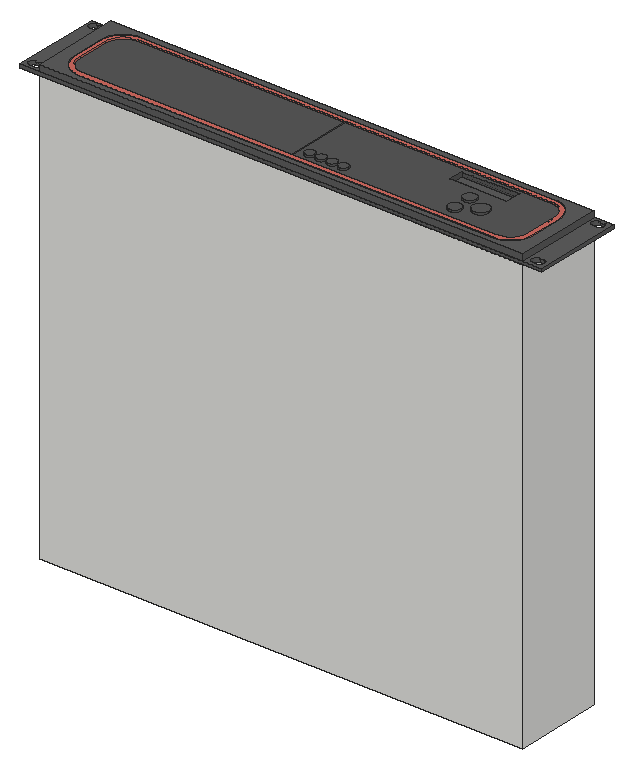
Revit family "Electronics_Amplifier_Biamp_Tesira_4-Channel-350W_AMP-4350R__", category Communication Devices, host Face, Revit 2020
Family settings
  Host = Face
  Maintain Annotation Orientation = No
  Round Connector Dimension = Use Diameter
  Part Type = Normal
  OmniClass Number = 23.85.10.11.14.14.17
  OmniClass Title = Sound Amplifiers
  Cut with Voids When Loaded = Yes
  Shared = No
  Room Calculation Point = No
Parameters (values of type "AMP-4300R CV")
  Width = 19.00"  # constant formula
  Weight = 20.60 lbf  # constant formula
  Voltage = 120 V
  URL = "https://www.biamp.com/"
  Temperature Range = "32 - 104° F (0 - 40° C)"  # constant formula
  THD+N = "20Hz-20kHz, at rated power: < 0.3%"  # constant formula
  Single Channel = "4 ohm, 8 ohm: 350W"  # constant formula
  Product data url = "https://www.bimobject.com/biamp/product/tesira-amp-4300r-cv_amplifier"
  Product Page URL = "https://www.biamp.com/products/tesira-amplifiers#tesira-amp-4300r-cv"
  Product Documentation Link = "https://downloads.biamp.com/assets/docs/default-source/data-sheets/biamp_data_sheet_tesira_amp-4300r_cv_jun18.pdf"
  Power Factor = 1
  Optional Analog Cards = "Tesira EX-MOD cards: EIC-4, EIOC-4, EOC-4"  # constant formula
  Number of Poles = 1
  Number of Channels = "4"  # constant formula
  Model = "Tesira AMP-4300R CV"  # constant formula
  Minimum Operational Load = "2 ohm"  # constant formula
  Manufacturer = "Biamp"  # constant formula
  Humidity = "0-95% relative humidity (non-condensing)"  # constant formula
  Housing Material = Biamp - Metal - Silver
  Height = 3.50"  # constant formula
  Frequency Response = "± 1dB"  # constant formula
  Dynamic Range = "> 100dB"  # constant formula
  Dual AVB/TSN Input = "RJ-45 (CAT-5 or higher) inputs; primary and secondary"  # constant formula
  Description = "Tesira® AMP-4300R CV 4-Channel, 300W Amplifier"  # constant formula
  Depth = 17.39844"  # constant formula
  Default Elevation = 48.00"
  Current Draw = "5.5–2.3A"  # constant formula
  Current = 5.5 A
  Cooling = "Variable speed fan"  # constant formula
  Connector Description = "100-240VAC 50/60Hz"  # constant formula
  Compliance = "FCC Part 15B (USA) CE Marked (Europe) UL and C-UL listed (USA and Canada) RCM (Australia) EAC (Eurasian Customs Union) CCC (China) KCC (Korea) RoHS Directive (Europe)"  # constant formula
  Case = yes
  Bridged = "8 ohm: 700W"  # constant formula
  Balanced Input Impedance = "8 kohm"  # constant formula
  Assembly Code = ""
  Apparent Load = Current * Voltage  # 660 VA
  Altitude = "0-10,000 ft (0-3000m) MSL"  # constant formula
Reference planes (in)
  plane 1 "Center (Front/Back)": y = 0
  plane 2: z = 0
  plane 3 "Center (Left/Right)": x = 0
  plane 4: x = 19.76273
  plane 5: y = 1.43791
  plane 6: y = -1.52561
Forms (in)
  Extrusion 1, solid, material "Biamp - Metal - Silver" <- "Housing Material", visible <- "Case"
    sketch origin (9.88137, -1.79653, -8.32798) x (1, 0, 0) y (0, 0, -1)
      loop
        line (-9.5, 8.69922) -> (-9.5, -8.32798) -> (9.5, -8.32798) -> (9.5, 8.69922) -> (-9.5, 8.69922)
    from 0 to 3.5
  Extrusion 2, solid, material "Biamp - Metal - Black"
    sketch origin (9.88137, -1.79653, -8.32798) x (1, 0, 0) y (0, 0, -1)
      loop
        line (-9.5, -8.44922) -> (-9.5, -8.69922) -> (9.5, -8.69922) -> (9.5, -8.44922) -> (-9.5, -8.44922)
    from 0 to 3.5
  Extrusion 3, solid, material "Biamp - Metal - Black"
    sketch origin (9.88137, -1.79653, -8.32798) x (1, 0, 0) y (0, 1, 0)
      loop
        line (10.25, 3.5) -> (-10.25, 3.5) -> (-10.25, 0) -> (10.25, 0) -> (10.25, 3.5)
    from 8.32798 to 8.45
  Extrusion 4, void, detail levels medium+fine
    sketch origin (9.88137, -1.79653, -8.32798) x (1, 0, 0) y (0, 1, 0)
      loop
        arc (-9.7948, 3.07101) -> (-9.63137, 3.23444) -> (-9.7948, 3.39787) r 0.16343
        line (-9.7948, 3.39787) -> (-9.96794, 3.39787)
        arc (-9.96794, 3.39787) -> (-10.13137, 3.23444) -> (-9.96794, 3.07101) r 0.16343
        line (-9.96794, 3.07101) -> (-9.7948, 3.07101)
      loop
        arc (-9.96794, 0.43436) -> (-10.13137, 0.27093) -> (-9.96794, 0.1075) r 0.16343
        line (-9.96794, 0.1075) -> (-9.7948, 0.1075)
        arc (-9.7948, 0.1075) -> (-9.63137, 0.27093) -> (-9.7948, 0.43436) r 0.16343
        line (-9.7948, 0.43436) -> (-9.96794, 0.43436)
      loop
        arc (9.7948, 3.39787) -> (9.63137, 3.23444) -> (9.7948, 3.07101) r 0.16343
        line (9.7948, 3.07101) -> (9.96794, 3.07101)
        arc (9.96794, 3.07101) -> (10.13137, 3.23444) -> (9.96794, 3.39787) r 0.16343
        line (9.96794, 3.39787) -> (9.7948, 3.39787)
      loop
        arc (9.7948, 0.43436) -> (9.63137, 0.27093) -> (9.7948, 0.1075) r 0.16343
        line (9.7948, 0.1075) -> (9.96794, 0.1075)
        arc (9.96794, 0.1075) -> (10.13137, 0.27093) -> (9.96794, 0.43436) r 0.16343
        line (9.96794, 0.43436) -> (9.7948, 0.43436)
    from 8.32798 to 8.45
  Extrusion 5, solid, material "Biamp - Glass - Gray", detail levels medium+fine
    sketch origin (9.88137, -1.79653, -8.42105) x (1, 0, 0) y (0, 1, 0)
      loop
        line (7.01336, 2.93738) -> (4.76336, 2.93738) -> (4.76336, 2.31238) -> (7.01336, 2.31238) -> (7.01336, 2.93738)
    from 8.61104 to 8.74596
  Extrusion 6, solid, material "Biamp - Plastic - Black", detail levels medium+fine
    sketch origin (9.88137, -1.79653, -8.42105) x (1, 0, 0) y (0, 1, 0)
      loop
        circle (6.70697, 1.42245) r 0.30719
      loop
        circle (6.00161, 1.76362) r 0.25
      loop
        circle (6.01175, 1.00818) r 0.25
      loop
        circle (0.87632, 0.86436) r 0.18364
      loop
        circle (0.43882, 0.86436) r 0.18364
      loop
        circle (1.31382, 0.86436) r 0.18364
      loop
        circle (1.75132, 0.86436) r 0.18364
    from 8.74596 to 8.79228
  Extrusion 7, void
    sketch origin (0.38137, -1.79653, -17.0272) x (0, -1, 0) y (-1, 0, 0)
      loop
        line (-2.40764, -8.71853) -> (-2.40764, -9.63487) -> (-2.15764, -9.63487) -> (-2.15764, -8.71853) -> (-2.40764, -8.71853)
      loop
        line (-2.15764, -11.21853) -> (-2.65764, -11.21853) -> (-2.65764, -11.85362) -> (-2.15764, -11.85362) -> (-2.15764, -11.21853)
      loop
        line (-2.65764, -12.19152) -> (-2.65764, -12.82661) -> (-2.15764, -12.82661) -> (-2.15764, -12.19152) -> (-2.65764, -12.19152)
      loop
        line (-2.65764, -13.44152) -> (-2.65764, -14.07661) -> (-2.15764, -14.07661) -> (-2.15764, -13.44152) -> (-2.65764, -13.44152)
      loop
        line (-1.4216, -17.20698) -> (-1.4216, -18.58198) -> (-0.4841, -18.58198) -> (-0.4841, -17.20698) -> (-1.4216, -17.20698)
      loop
        line (-0.9841, -12.19152) -> (-0.9841, -12.82661) -> (-0.4841, -12.82661) -> (-0.4841, -12.19152) -> (-0.9841, -12.19152)
      loop
        line (-0.9841, -8.94152) -> (-0.9841, -9.57661) -> (-0.4841, -9.57661) -> (-0.4841, -8.94152) -> (-0.9841, -8.94152)
      loop
        line (-0.9841, -5.41027) -> (-0.9841, -6.04536) -> (-0.4841, -6.04536) -> (-0.4841, -5.41027) -> (-0.9841, -5.41027)
      loop
        line (-0.9841, -2.25402) -> (-0.9841, -2.88911) -> (-0.4841, -2.88911) -> (-0.4841, -2.25402) -> (-0.9841, -2.25402)
      loop
        line (-2.84514, -5.05061) -> (-2.84514, -4.35303) -> (-3.28264, -4.35303) -> (-3.28264, -5.05061) -> (-2.84514, -5.05061)
      loop
        line (-2.84514, -4.26512) -> (-2.84514, -3.56754) -> (-3.28264, -3.56754) -> (-3.28264, -4.26512) -> (-2.84514, -4.26512)
      loop
        line (-2.84514, -3.16358) -> (-2.84514, -2.466) -> (-3.28264, -2.466) -> (-3.28264, -3.16358) -> (-2.84514, -3.16358)
      loop
        line (-2.84514, -1.68051) -> (-3.28264, -1.68051) -> (-3.28264, -2.3781) -> (-2.84514, -2.3781) -> (-2.84514, -1.68051)
    from -0.15363 to 0
  Extrusion 8, solid, material "Biamp - Metal - Black", detail levels coarse
    sketch origin (9.88137, -1.79653, -8.32798) x (1, 0, 0) y (0, 0, -1)
      loop
        line (-9.5, -8.44922) -> (-9.5, -8.69922) -> (9.5, -8.69922) -> (9.5, -8.44922) -> (-9.5, -8.44922)
    from 0 to 3.5
  Extrusion 9, solid, material "Biamp - Metal - Black", detail levels coarse
    sketch origin (9.88137, -1.79653, -8.32798) x (1, 0, 0) y (0, 1, 0)
      loop
        line (-10.25, 3.5) -> (-10.25, 0) -> (10.25, 0) -> (10.25, 3.5) -> (-10.25, 3.5)
    from 8.32798 to 8.44922
  Extrusion 10, void
    sketch origin (0, 0, 0) x (1, 0, 0) y (0, 1, 0)
      loop
        line (17.98962, 1.46978) -> (1.77311, 1.46978)
        arc (1.77311, 1.46978) -> (1.14255, 1.20859) -> (0.88137, 0.57803) r 0.89175
        line (0.88137, 0.57803) -> (0.88137, -0.67041)
        arc (0.88137, -0.67041) -> (1.14255, -1.30097) -> (1.77311, -1.56216) r 0.89175
        line (1.77311, -1.56216) -> (17.98962, -1.56216)
        arc (17.98962, -1.56216) -> (18.62018, -1.30097) -> (18.88137, -0.67041) r 0.89175
        line (18.88137, -0.67041) -> (18.88137, 0.57803)
        arc (18.88137, 0.57803) -> (18.62018, 1.20859) -> (17.98962, 1.46978) r 0.89175
    from 0.37124 to 0.12124
  Extrusion 11, solid, material "Biamp - Plastic - Red", detail levels medium+fine
    sketch origin (0, 0, 0) x (1, 0, 0) y (0, 1, 0)
      loop
        arc (1.77311, 1.46978) -> (1.14255, 1.20859) -> (0.88137, 0.57803) r 0.89175
        line (0.88137, 0.57803) -> (0.88137, -0.67041)
        arc (0.88137, -0.67041) -> (1.14255, -1.30097) -> (1.77311, -1.56216) r 0.89175
        line (1.77311, -1.56216) -> (17.98962, -1.56216)
        arc (17.98962, -1.56216) -> (18.62018, -1.30097) -> (18.88137, -0.67041) r 0.89175
        line (18.88137, -0.67041) -> (18.88137, 0.57803)
        arc (18.88137, 0.57803) -> (18.62018, 1.20859) -> (17.98962, 1.46978) r 0.89175
        line (17.98962, 1.46978) -> (1.77311, 1.46978)
      loop
        line (18.71137, -0.67041) -> (18.71137, 0.57803)
        arc (18.71137, 0.57803) -> (18.49997, 1.08838) -> (17.98962, 1.29978) r 0.72175
        line (17.98962, 1.29978) -> (1.77311, 1.29978)
        arc (1.77311, 1.29978) -> (1.26276, 1.08838) -> (1.05137, 0.57803) r 0.72175
        line (1.05137, 0.57803) -> (1.05137, -0.67041)
        arc (1.05137, -0.67041) -> (1.26276, -1.18076) -> (1.77311, -1.39216) r 0.72175
        line (1.77311, -1.39216) -> (17.98962, -1.39216)
        arc (17.98962, -1.39216) -> (18.49997, -1.18076) -> (18.71137, -0.67041) r 0.72175
    from 0.37124 to 0.12202
  Extrusion 12, solid, material "Biamp - Plastic - Black", detail levels medium+fine
    sketch origin (0, 0, 0) x (1, 0, 0) y (0, 1, 0)
      loop
        line (9.95107, -1.39216) -> (17.98962, -1.39216)
        arc (17.98962, -1.39216) -> (18.49997, -1.18076) -> (18.71137, -0.67041) r 0.72175
        line (18.71137, -0.67041) -> (18.71137, 0.57803)
        arc (18.71137, 0.57803) -> (18.49997, 1.08838) -> (17.98962, 1.29978) r 0.72175
        line (17.98962, 1.29978) -> (9.95107, 1.29978) -> (9.95107, -1.39216)
      loop
        line (14.64473, 1.14084) -> (14.64473, 0.51584) -> (16.89473, 0.51584) -> (16.89473, 1.14084) -> (14.64473, 1.14084)
    from 0.12202 to 0.32491
  Extrusion 13, solid, material "Biamp - Plastic - Black(Grid)"
    sketch origin (0, 0, 0) x (1, 0, 0) y (0, 1, 0)
      loop
        line (1.05137, 0.57803) -> (1.05137, -0.67041)
        arc (1.05137, -0.67041) -> (1.26276, -1.18076) -> (1.77311, -1.39216) r 0.72175
        line (1.77311, -1.39216) -> (9.9046, -1.39216) -> (9.9046, 1.29978) -> (1.77311, 1.29978)
        arc (1.77311, 1.29978) -> (1.26276, 1.08838) -> (1.05137, 0.57803) r 0.72175
    from 0.12202 to 0.32491
Cuts and joins
  Extrusion 4 cuts Extrusion 3
  Extrusion 7 cuts Extrusion 1
  Extrusion 10 cuts Extrusion 2
Lines and regions (in)
  Masking region 1
    outline origin (0, 0, 0) x (1, 0, 0) y (0, 0, 1)
      loop
        line (-0.36863, 0) -> (0.38137, 0) -> (0.38137, -17.0272) -> (19.38137, -17.0272) -> (19.38137, 0) -> (20.13137, 0) -> (20.13137, 0.12124) -> (19.38137, 0.12124) -> (19.38137, 0.37124) -> (0.38137, 0.37124) -> (0.38137, 0.12124) -> (-0.36863, 0.12124) -> (-0.36863, 0)
  symbolic lines
    curve 1: line (-0.36863, 0, 0.12124) -> (20.13137, 0, 0.12124)
    curve 2: line (19.38137, 0, 0) -> (0.38137, 0, 0)
Dimensions and locks (in)
  aligned and locked: plane 2 to host face
  aligned and locked: level to host face
Connectors (in)
  electrical at (18.27585, -0.84368, -16.87357), driven by "Number of Poles", driven by "Voltage", driven by "Apparent Load", driven by "Power Factor", driven by "Connector Description"
    settings: on cut or joined group of Extrusion 1, Extrusion 7, index 1, voltage 120 V, apparent load 0 VA, apparent load phase1 660 VA, apparent load phase2 0 VA, apparent load phase3 0 VA, power factor 1, load classification "Other", number of poles 1, system type 31, power factor state 1, is connector primary yes, connector utility no, sub classification motor no, connector description "100-240VAC 50/60Hz"
  electrical at (14.14043, 0.6111, -16.87357)
    settings: on cut or joined group of Extrusion 1, Extrusion 7, index 2, voltage 0 V, apparent load 0 VA, apparent load phase1 0 VA, apparent load phase2 0 VA, apparent load phase3 0 VA, power factor 1, load classification "Other", number of poles 1, system type 5, power factor state 1, is connector primary no, connector utility no, sub classification motor no, connector description "RJ-45; Control"
  electrical at (12.89043, 0.6111, -16.87357)
    settings: on cut or joined group of Extrusion 1, Extrusion 7, index 3, voltage 0 V, apparent load 0 VA, apparent load phase1 0 VA, apparent load phase2 0 VA, apparent load phase3 0 VA, power factor 1, load classification "Other", number of poles 1, system type 5, power factor state 1, is connector primary no, connector utility no, sub classification motor no, connector description "RJ-45; AVB Primary"
  electrical at (11.91744, 0.6111, -16.87357)
    settings: on cut or joined group of Extrusion 1, Extrusion 7, index 4, voltage 0 V, apparent load 0 VA, apparent load phase1 0 VA, apparent load phase2 0 VA, apparent load phase3 0 VA, power factor 1, load classification "Other", number of poles 1, system type 5, power factor state 1, is connector primary no, connector utility no, sub classification motor no, connector description "RJ-45; AVB Secondary"
  electrical at (12.89043, -1.06243, -16.87357)
    settings: on cut or joined group of Extrusion 1, Extrusion 7, index 5, voltage 0 V, apparent load 0 VA, apparent load phase1 0 VA, apparent load phase2 0 VA, apparent load phase3 0 VA, power factor 1, load classification "Other", number of poles 1, system type 5, power factor state 1, is connector primary no, connector utility no, sub classification motor no, connector description "AMP Output; 4"
  electrical at (9.64043, -1.06243, -16.87357)
    settings: on cut or joined group of Extrusion 1, Extrusion 7, index 6, voltage 0 V, apparent load 0 VA, apparent load phase1 0 VA, apparent load phase2 0 VA, apparent load phase3 0 VA, power factor 1, load classification "Other", number of poles 1, system type 5, power factor state 1, is connector primary no, connector utility no, sub classification motor no, connector description "AMP Output; 3"
  electrical at (9.55806, 0.4861, -16.87357)
    settings: on cut or joined group of Extrusion 1, Extrusion 7, index 7, voltage 0 V, apparent load 0 VA, apparent load phase1 0 VA, apparent load phase2 0 VA, apparent load phase3 0 VA, power factor 1, load classification "Other", number of poles 1, system type 5, power factor state 1, is connector primary no, connector utility no, sub classification motor no, connector description "Logic I/O"
  electrical at (6.10918, -1.06243, -16.87357)
    settings: on cut or joined group of Extrusion 1, Extrusion 7, index 8, voltage 0 V, apparent load 0 VA, apparent load phase1 0 VA, apparent load phase2 0 VA, apparent load phase3 0 VA, power factor 1, load classification "Other", number of poles 1, system type 5, power factor state 1, is connector primary no, connector utility no, sub classification motor no, connector description "AMP Output; 2"
  electrical at (5.08319, 1.26735, -16.87357)
    settings: on cut or joined group of Extrusion 1, Extrusion 7, index 9, voltage 0 V, apparent load 0 VA, apparent load phase1 0 VA, apparent load phase2 0 VA, apparent load phase3 0 VA, power factor 1, load classification "Other", number of poles 1, system type 5, power factor state 1, is connector primary no, connector utility no, sub classification motor no, connector description "Analog Audio I/O 4"
  electrical at (4.2977, 1.26735, -16.87357)
    settings: on cut or joined group of Extrusion 1, Extrusion 7, index 10, voltage 0 V, apparent load 0 VA, apparent load phase1 0 VA, apparent load phase2 0 VA, apparent load phase3 0 VA, power factor 1, load classification "Other", number of poles 1, system type 5, power factor state 1, is connector primary no, connector utility no, sub classification motor no, connector description "Analog Audio I/O 3"
  electrical at (3.19616, 1.26735, -16.87357)
    settings: on cut or joined group of Extrusion 1, Extrusion 7, index 11, voltage 0 V, apparent load 0 VA, apparent load phase1 0 VA, apparent load phase2 0 VA, apparent load phase3 0 VA, power factor 1, load classification "Other", number of poles 1, system type 5, power factor state 1, is connector primary no, connector utility no, sub classification motor no, connector description "Analog Audio I/O 2"
  electrical at (2.41067, 1.26735, -16.87357)
    settings: on cut or joined group of Extrusion 1, Extrusion 7, index 12, voltage 0 V, apparent load 0 VA, apparent load phase1 0 VA, apparent load phase2 0 VA, apparent load phase3 0 VA, power factor 1, load classification "Other", number of poles 1, system type 5, power factor state 1, is connector primary no, connector utility no, sub classification motor no, connector description "Analog Audio I/O 1"
  electrical at (2.95293, -1.06243, -16.87357)
    settings: on cut or joined group of Extrusion 1, Extrusion 7, index 13, voltage 0 V, apparent load 0 VA, apparent load phase1 0 VA, apparent load phase2 0 VA, apparent load phase3 0 VA, power factor 1, load classification "Other", number of poles 1, system type 5, power factor state 1, is connector primary no, connector utility no, sub classification motor no, connector description "AMP Output; 1"
